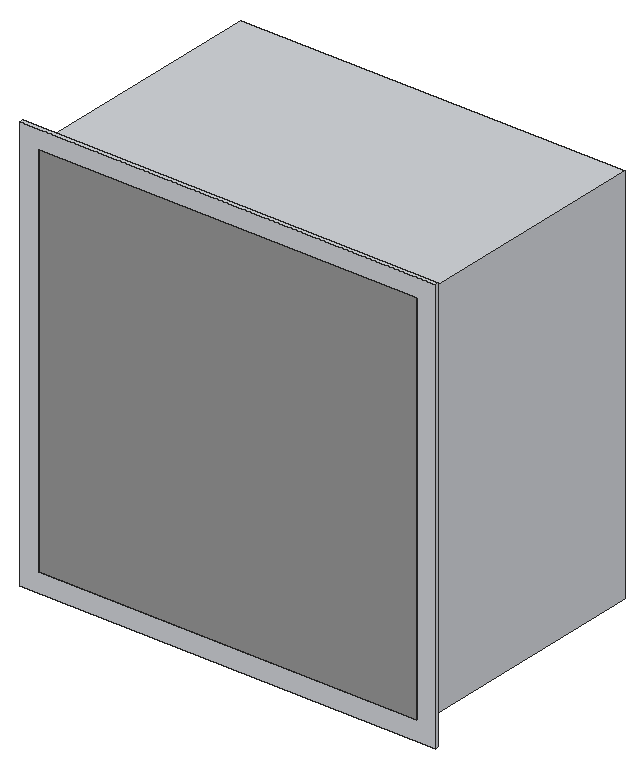
Revit family "MS-SP", category Mechanical Equipment, Revit 2015
Parameters
  URL = "https://unitedenertech.com/catalog/pdf/K_8%20MS-SP.pdf"
  Type Comments = "Consult Factory for Max. Sizes"
  Model = "MS-SP"
  Manufacturer = "United Enertech Corporation"
  Length (16" Standard) = 1' - 4"
  Keynote = ""
  Exact Width = 2' - 0"
  Exact Height = 2' - 0"
  Description = "Medium Security"
Reference planes (in)
  plane 1 "Center (Front/Back)": y = 0
  plane 2: z = 0
  plane 3 "Center (Left/Right)": x = 0
  plane 4: x = -12
  plane 5: x = 12
  plane 6: z = 12
  plane 7: z = -12
  plane 8: x = -11.8125
  plane 9: z = 11.8125
  plane 10: x = -13
  plane 11: z = 13
  plane 12: x = 11.8125
  plane 13: x = 13
  plane 14: z = -11.8125
  plane 15: z = -13
  plane 16: y = 16
  plane 17: y = 0.1875
Forms (in)
  Extrusion 1, solid
    sketch origin (0, 0, 0) x (1, 0, 0) y (0, 0, 1)
      loop
        line (-13, -13) -> (13, -13) -> (13, 13) -> (-13, 13) -> (-13, -13)
      loop
        line (-11.8125, -11.8125) -> (11.8125, -11.8125) -> (11.8125, 11.8125) -> (-11.8125, 11.8125) -> (-11.8125, -11.8125)
    from -0.1875 to 0
  Extrusion 2, solid, material "Steel"
    sketch origin (0, 0, 0) x (1, 0, 0) y (0, 0, 1)
      loop
        line (-11.8125, -11.8125) -> (11.8125, -11.8125) -> (11.8125, 11.8125) -> (-11.8125, 11.8125) -> (-11.8125, -11.8125)
    from -0.1875 to 0
  Extrusion 3, solid
    sketch origin (0, 0, 0) x (1, 0, 0) y (0, 0, 1)
      loop
        line (-12, -12) -> (12, -12) -> (12, 12) -> (-12, 12) -> (-12, -12)
      loop
        line (-11.8125, -11.8125) -> (11.8125, -11.8125) -> (11.8125, 11.8125) -> (-11.8125, 11.8125) -> (-11.8125, -11.8125)
    from -16 to -0.1875
Dimensions and locks (in)
  equal spacing: plane 4, plane 3 "Center (Left/Right)", plane 5
  "Exact Width": plane 4 to plane 5
  equal spacing: plane 6, level, plane 7
  "Exact Height": plane 6 to plane 7
  locked: plane 4 to plane 10 at 1
  locked: plane 4 to plane 8 at 0.1875
  locked: plane 12 to plane 5 at 0.1875
  locked: plane 5 to plane 13 at 1
  locked: plane 6 to plane 9 at 0.1875
  locked: plane 11 to plane 6 at 1
  locked: plane 14 to plane 7 at 0.1875
  locked: plane 7 to plane 15 at 1
  "Length (16" Standard)": plane 1 "Center (Front/Back)" to plane 16
  locked: plane 17 to plane 1 "Center (Front/Back)" at 0.1875
  aligned and locked: level to plane 2
  aligned and locked: Extrusion 1 sketch curve to plane 10
  aligned and locked: plane 11 to Extrusion 1 sketch curve
  aligned and locked: Extrusion 1 sketch curve to plane 13
  aligned and locked: plane 15 to Extrusion 1 sketch curve
  aligned and locked: plane 14 to Extrusion 1 sketch curve
  aligned and locked: Extrusion 1 sketch curve to plane 8
  aligned and locked: Extrusion 1 sketch curve to plane 12
  aligned and locked: plane 9 to Extrusion 1 sketch curve
  aligned and locked: plane 1 "Center (Front/Back)" to Extrusion 1
  aligned and locked: plane 9 to Extrusion 2 sketch curve
  aligned and locked: Extrusion 2 sketch curve to plane 12
  aligned and locked: Extrusion 2 sketch curve to plane 8
  aligned and locked: plane 14 to Extrusion 2 sketch curve
  aligned and locked: plane 1 "Center (Front/Back)" to Extrusion 2
  aligned and locked: plane 17 to Extrusion 1
  aligned and locked: plane 17 to Extrusion 2
  aligned and locked: plane 4 to Extrusion 3 sketch curve
  aligned and locked: Extrusion 3 sketch curve to plane 7
  aligned and locked: Extrusion 3 sketch curve to plane 5
  aligned and locked: plane 6 to Extrusion 3 sketch curve
  aligned and locked: plane 9 to Extrusion 3 sketch curve
  aligned and locked: Extrusion 3 sketch curve to plane 8
  aligned and locked: Extrusion 3 sketch curve to plane 12
  aligned and locked: plane 14 to Extrusion 3 sketch curve
  aligned and locked: plane 16 to Extrusion 3
  aligned and locked: Extrusion 3 to plane 17
